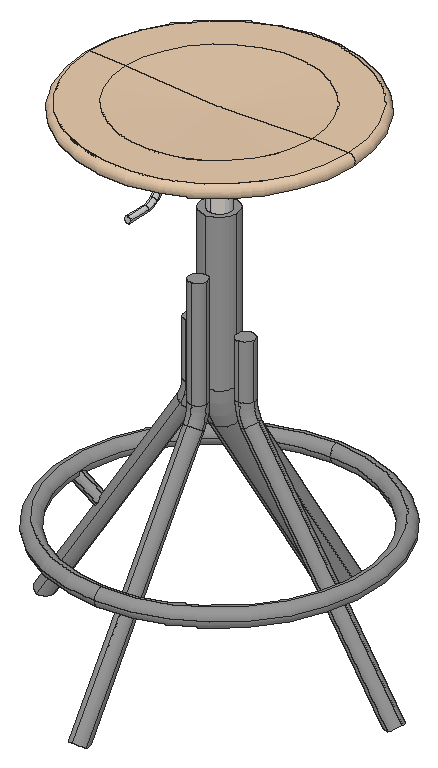
Revit family "FU_Stool_Sandler_Main-1120", category Furniture, Revit 2020
Family settings
  OmniClass Number = 23.40.20.00
  OmniClass Title = General Furniture and Specialties
  Work Plane-Based = No
  Always vertical = Yes
  Cut with Voids When Loaded = No
  Shared = No
  Room Calculation Point = No
Parameters
  Wood Seat = Wood - Beech - Chestnut Stained
  Width = 470 mm  # constant formula
  URL = "https://www.sandlerseating.com/product/main-1120/"
  Model = "Main 1120"
  Min Height = 630 mm  # constant formula
  Max Height = 720 mm  # constant formula
  Manufacturer = "Sandler"
  Height = if(Height Adj < Min Height, Min Height, (if(Height Adj > Max Height, Max Height, Height Adj)))  # 640 mm
  Height Adj = 640 mm
  Description = "Adjustable height stool with swivel seat in Ash wood on a steel frame"
  Depth = 450 mm  # constant formula
  Default Elevation = 0 mm
  AC Colors = Metal - Paint - Water Blue - NCS S4050-B40G
Reference planes
  plane 1 "Center (Front/Back)": y = 0
  plane 2: z = 0
  plane 3 "Center (Left/Right)": x = 0
  plane 4: x = -235
  plane 5: x = 235
  plane 6: y = 225
  plane 7: y = -225
  plane 8: z = 640
  plane 9 "Footrest height C": z = 154.33
  plane 10: z = 617.33
  plane 11: z = 519.694
Forms (mm)
  Revolve 1, solid, material "Wood - Beech - Chestnut Stained" <- "Wood Seat"
    sketch origin (0, 0, 0) x (1, 0, 0) y (0, 0, 1)
      loop
        line (0, 612.192) -> (0, 634.708)
        arc (0, 634.708) -> (-59.796, 635.794) -> (-119.454, 640) r 1145.478
        line (-119.454, 640) -> (-166.754, 640)
        arc (-166.754, 640) -> (-173.777, 632.677) -> (-168.491, 624.016) r 8.315
        line (-168.491, 624.016) -> (-137.689, 612.192) -> (0, 612.192)
      axis (0, 640) -> (0, 612.192)
    angle from 0 to 360
  Sweep 2, solid, material "Metal - Paint - Water Blue - NCS S4050-B40G" <- "AC Colors"
    path origin (0, 0, 154.33) x (0, -1, 0) y (1, 0, 0)
      loop
        circle (0, 0) r 189
    profile "Pro_Circles : 22mm Circle" origin (-189, 0, 154.33) x (-1, 0, 0) y (0, 0, 1)
      loop
        arc (-10.967, 0.067) -> (-7.822, -7.727) -> (-0.067, -10.967) r 10.901
        arc (-0.067, -10.967) -> (7.775, -7.775) -> (10.967, 0.067) r 10.901
        arc (10.967, 0.067) -> (7.727, 7.822) -> (-0.067, 10.967) r 10.901
        arc (-0.067, 10.967) -> (-7.774, 7.774) -> (-10.967, 0.067) r 10.9
  Sweep 3, solid, material "Metal - Paint - Water Blue - NCS S4050-B40G" <- "AC Colors"
    path origin (0, 0, 0) x (1, 0, 0) y (0, 0, 1)
      loop
        line (-225.63, 0) -> (-40.785, 284.636)
        arc (-40.785, 284.636) -> (-35.611, 297.832) -> (-33.851, 311.896) r 57.051
        line (-33.851, 311.896) -> (-33.851, 381.938)
    profile "Pro_Circles : 22mm Circle" origin (-133.207, 0, 142.318) x (-0.838671, 0, 0.544639) y (0, -1, 0)
      loop
        arc (-10.967, 0.067) -> (-7.822, -7.727) -> (-0.067, -10.967) r 10.901
        arc (-0.067, -10.967) -> (7.775, -7.775) -> (10.967, 0.067) r 10.901
        arc (10.967, 0.067) -> (7.727, 7.822) -> (-0.067, 10.967) r 10.901
        arc (-0.067, 10.967) -> (-7.774, 7.774) -> (-10.967, 0.067) r 10.9
  Sweep 4, solid, material "Metal - Paint - Water Blue - NCS S4050-B40G" <- "AC Colors"
    path origin (0, 0, 0) x (1, 0, 0) y (0, 0, 1)
      loop
        line (-150.363, 128.105) -> (-184.143, 150.042)
    profile "Pro_Circles : 16mm Circle" origin (-167.253, 0, 139.074) x (-0.544639, 0, -0.838671) y (0, -1, 0)
      loop
        arc (-7.967, 0.067) -> (-5.701, -5.606) -> (-0.067, -7.967) r 7.901
        arc (-0.067, -7.967) -> (5.654, -5.654) -> (7.967, 0.067) r 7.902
        arc (7.967, 0.067) -> (5.606, 5.7) -> (-0.067, 7.967) r 7.901
        arc (-0.067, 7.967) -> (-5.653, 5.653) -> (-7.967, 0.067) r 7.9
  Sweep 5, solid, material "Metal - Paint - Water Blue - NCS S4050-B40G" <- "AC Colors"
    path origin (0, 0, 0) x (-1, 0, 0) y (0, 0, 1)
      loop
        line (-225.63, 0) -> (-40.785, 284.636)
        arc (-40.785, 284.636) -> (-35.611, 297.832) -> (-33.851, 311.896) r 57.051
        line (-33.851, 311.896) -> (-33.851, 381.938)
    profile "Pro_Circles : 22mm Circle" origin (133.207, 0, 142.318) x (-0.838671, 0, -0.544639) y (0, -1, 0)
      loop
        arc (10.967, 0.067) -> (7.774, 7.774) -> (0.067, 10.967) r 10.9
        arc (0.067, 10.967) -> (-7.727, 7.822) -> (-10.967, 0.067) r 10.901
        arc (-10.967, 0.067) -> (-7.775, -7.775) -> (0.067, -10.967) r 10.901
        arc (0.067, -10.967) -> (7.822, -7.727) -> (10.967, 0.067) r 10.901
  Sweep 6, solid, material "Metal - Paint - Water Blue - NCS S4050-B40G" <- "AC Colors"
    path origin (0, 0, 0) x (-1, 0, 0) y (0, 0, 1)
      loop
        line (-150.363, 128.105) -> (-184.143, 150.042)
    profile "Pro_Circles : 16mm Circle" origin (167.253, 0, 139.074) x (-0.544639, 0, 0.838671) y (0, -1, 0)
      loop
        arc (7.967, 0.067) -> (5.653, 5.653) -> (0.067, 7.967) r 7.9
        arc (0.067, 7.967) -> (-5.606, 5.7) -> (-7.967, 0.067) r 7.901
        arc (-7.967, 0.067) -> (-5.654, -5.654) -> (0.067, -7.967) r 7.902
        arc (0.067, -7.967) -> (5.701, -5.606) -> (7.967, 0.067) r 7.901
  Sweep 7, solid, material "Metal - Paint - Water Blue - NCS S4050-B40G" <- "AC Colors"
    path origin (0, 0, 0) x (0.000284, 1, 0) y (0, 0, 1)
      loop
        line (-225.63, 0) -> (-40.785, 284.636)
        arc (-40.785, 284.636) -> (-35.611, 297.832) -> (-33.851, 311.896) r 57.051
        line (-33.851, 311.896) -> (-33.851, 451.896)
    profile "Pro_Circles : 22mm Circle" origin (-0.038, -133.207, 142.318) x (-0.000238, -0.838671, 0.544639) y (1, -0.000284, 0)
      loop
        arc (-10.967, 0.067) -> (-7.822, -7.727) -> (-0.067, -10.967) r 10.901
        arc (-0.067, -10.967) -> (7.775, -7.775) -> (10.967, 0.067) r 10.901
        arc (10.967, 0.067) -> (7.727, 7.822) -> (-0.067, 10.967) r 10.901
        arc (-0.067, 10.967) -> (-7.774, 7.774) -> (-10.967, 0.067) r 10.9
  Sweep 8, solid, material "Metal - Paint - Water Blue - NCS S4050-B40G" <- "AC Colors"
    path origin (0, 0, 0) x (0.000284, 1, 0) y (0, 0, 1)
      loop
        line (-150.363, 128.105) -> (-184.143, 150.042)
    profile "Pro_Circles : 16mm Circle" origin (-0.048, -167.253, 139.074) x (-0.000155, -0.544639, -0.838671) y (1, -0.000284, 0)
      loop
        arc (-7.967, 0.067) -> (-5.701, -5.606) -> (-0.067, -7.967) r 7.901
        arc (-0.067, -7.967) -> (5.654, -5.654) -> (7.967, 0.067) r 7.902
        arc (7.967, 0.067) -> (5.606, 5.7) -> (-0.067, 7.967) r 7.901
        arc (-0.067, 7.967) -> (-5.653, 5.653) -> (-7.967, 0.067) r 7.9
  Sweep 9, solid, material "Metal - Paint - Water Blue - NCS S4050-B40G" <- "AC Colors"
    path origin (0, 0, 0) x (0, 1, 0) y (0, 0, 1)
      loop
        line (0, 519.694) -> (0, 321.235)
        arc (0, 321.235) -> (3.537, 301.466) -> (11.843, 283.18) r 80.763
        line (11.843, 283.18) -> (195.708, 3.127)
    profile "Pro_Circles : 44.5mm Circle" origin (0, 0, 420.465) x (0, 1, 0) y (1, 0, 0)
      loop
        arc (-22.217, 0.067) -> (-15.776, -15.682) -> (-0.066, -22.217) r 22.151
        arc (-0.066, -22.217) -> (15.73, -15.73) -> (22.217, 0.067) r 22.151
        arc (22.217, 0.067) -> (15.682, 15.776) -> (-0.067, 22.217) r 22.15
        arc (-0.067, 22.217) -> (-15.729, 15.729) -> (-22.217, 0.067) r 22.15
  Extrusion 10, void
    sketch origin (0, 0, 0) x (1, 0, 0) y (0, 0, 1)
      loop
        line (-235, 0) -> (-235, -20) -> (235, -20) -> (235, 0) -> (-235, 0)
    from -225 to 225
  Extrusion 11, solid, material "Metal - Chrome - Polished"
    sketch origin (0, 0, 154.33) x (0, -1, 0) y (1, 0, 0)
      loop
        circle (0, 0.067) r 14
    from 264 to 463
  Sweep 12, solid, material "Metal - Chrome - Polished"
    path origin (0, 0, 0) x (0, 1, 0) y (0, 0, 1)
      loop
        line (-146.626, 569.163) -> (-119.121, 569.163)
        arc (-119.121, 569.163) -> (-111.609, 570.589) -> (-105.143, 574.669) r 20.496
        line (-105.143, 574.669) -> (-74.464, 603.278)
        arc (-74.464, 603.278) -> (-70.244, 605.94) -> (-65.342, 606.871) r 13.375
        line (-65.342, 606.871) -> (0, 606.871)
    profile "Pro_Circles : 8mm Circle" origin (0, -132.874, 569.163) x (0, 0, 1) y (1, 0, 0)
      loop
        arc (-3.967, 0.067) -> (-2.873, -2.777) -> (-0.068, -3.967) r 3.901
        arc (-0.068, -3.967) -> (2.826, -2.827) -> (3.967, 0.067) r 3.903
        arc (3.967, 0.067) -> (2.777, 2.872) -> (-0.067, 3.967) r 3.902
        arc (-0.067, 3.967) -> (-2.824, 2.824) -> (-3.967, 0.067) r 3.9
Cuts and joins
  Extrusion 10 cuts Sweep 3
  Extrusion 10 cuts Sweep 4
  Extrusion 10 cuts Sweep 5
  Extrusion 10 cuts Sweep 6
  Extrusion 10 cuts Sweep 7
  Extrusion 10 cuts Sweep 8
  Extrusion 10 cuts Sweep 9
  joined: Sweep 3, Sweep 4, Sweep 5, Sweep 6, Sweep 7, Sweep 8, Sweep 9
  joined: Extrusion 11, Sweep 12
Dimensions and locks
  equal spacing: plane 6, plane 1 "Center (Front/Back)", plane 7
  "Depth": plane 6 to plane 7
  equal spacing: plane 4, plane 3 "Center (Left/Right)", plane 5
  "Width": plane 4 to plane 5
  "Height": plane 8 to level
  locked: plane 8 to plane 10 at 22.67
  locked: plane 11 to level at 519.694
  aligned and locked: level to plane 2
  aligned and locked: plane 10 to cut or joined group of Extrusion 11, Sweep 12
Automatic sketch dimensions
  Revolve 1 sketch curve to plane 8 = 0 mm
  Revolve 1 sketch curve to plane 3 "Center (Left/Right)" = 0 mm  (x2)
  Revolve 1 sketch curve to plane 3 "Center (Left/Right)" = 9.095 mm
  Revolve 1 sketch curve to Revolve 1 sketch curve = 18.235 mm
  Revolve 1 sketch curve to plane 8 = 8.222 mm
  Revolve 1 sketch curve to Revolve 1 sketch curve = 27.822 mm
  Revolve 1 sketch curve to Revolve 1 sketch curve = 1.243 mm
  Revolve 1 sketch curve to plane 8 = 15.984 mm
  Revolve 1 sketch curve to plane 8 = 27.808 mm
  Revolve 1 sketch curve to Revolve 1 sketch curve = 22.515 mm
  Revolve 1 sketch curve to Revolve 1 sketch curve = 17.192 mm
  plane 8 to Revolve 1 sketch curve = 15 mm
  plane 1 "Center (Front/Back)" to Sweep 2 sketch curve = 0 mm
  Sweep 2 sketch curve to plane 3 "Center (Left/Right)" = 0 mm
  Sweep 3 sketch curve to level = 0 mm
  Sweep 3 sketch curve to Sweep 3 sketch curve = 57.051 mm
  Sweep 3 sketch curve to Sweep 3 sketch curve = 70.042 mm
  plane 9 "Footrest height C" to Sweep 4 sketch curve = 4.287 mm
  Sweep 4 sketch curve to plane 4 = 50.857 mm
  plane 9 "Footrest height C" to Sweep 4 sketch curve = 26.224 mm
  Sweep 4 sketch curve to Sweep 4 sketch curve = 33.78 mm
  Sweep 5 sketch curve to level = 0 mm
  Sweep 5 sketch curve to plane 3 "Center (Left/Right)" = 90.901 mm
  Sweep 5 sketch curve to plane 3 "Center (Left/Right)" = 40.785 mm
  Sweep 5 sketch curve to Sweep 5 sketch curve = 6.934 mm
  plane 9 "Footrest height C" to Sweep 5 sketch curve = 130.306 mm
  Sweep 5 sketch curve to plane 5 = 9.37 mm
  Sweep 5 sketch curve to Sweep 5 sketch curve = 70.042 mm
  Sweep 6 sketch curve to plane 9 "Footrest height C" = 4.287 mm
  Sweep 6 sketch curve to plane 5 = 50.857 mm
  Sweep 6 sketch curve to plane 9 "Footrest height C" = 26.224 mm
  Sweep 6 sketch curve to Sweep 6 sketch curve = 33.78 mm
  plane 9 "Footrest height C" to Sweep 8 sketch curve = 4.287 mm
  plane 9 "Footrest height C" to Sweep 8 sketch curve = 26.224 mm
  Sweep 8 sketch curve to Sweep 8 sketch curve = 33.78 mm
  Sweep 7 sketch curve to level = 0 mm
  Sweep 7 sketch curve to plane 9 "Footrest height C" = 157.566 mm
  Sweep 7 sketch curve to plane 9 "Footrest height C" = 130.306 mm
  Sweep 7 sketch curve to Sweep 7 sketch curve = 50.116 mm
  Sweep 7 sketch curve to Sweep 7 sketch curve = 184.845 mm
  Sweep 7 sketch curve to Sweep 7 sketch curve = 140 mm
  plane 4 to Extrusion 10 sketch curve = 0 mm
  plane 5 to Extrusion 10 sketch curve = 0 mm
  Extrusion 10 sketch curve to level = 0 mm
  Extrusion 10 sketch curve to level = 20 mm
  plane 1 "Center (Front/Back)" to Extrusion 11 sketch curve = 0 mm
  plane 3 "Center (Left/Right)" to Extrusion 11 sketch curve = 0.067 mm
  Sweep 12 sketch curve to plane 1 "Center (Front/Back)" = 0 mm
  Sweep 12 sketch curve to plane 8 = 33.129 mm
  plane 1 "Center (Front/Back)" to Sweep 12 sketch curve = 65.342 mm
  Sweep 12 sketch curve to plane 8 = 36.722 mm
  Sweep 12 sketch curve to Sweep 12 sketch curve = 9.121 mm
  Sweep 12 sketch curve to Sweep 12 sketch curve = 30.679 mm
  Sweep 12 sketch curve to Sweep 12 sketch curve = 13.979 mm
  Sweep 12 sketch curve to Sweep 12 sketch curve = 13.619 mm
  Sweep 12 sketch curve to Sweep 12 sketch curve = 14.99 mm
  Sweep 12 sketch curve to Sweep 12 sketch curve = 27.505 mm
  Sweep 3 sketch curve to plane 9 "Footrest height C" = 130.306 mm
  Sweep 3 sketch curve to plane 4 = 9.37 mm
  Revolve 1 sketch curve to plane 3 "Center (Left/Right)" = 119.454 mm
  Sweep 3 sketch curve to plane 3 "Center (Left/Right)" = 90.901 mm
  Sweep 3 sketch curve to Sweep 3 sketch curve = 6.934 mm
  Sweep 9 sketch curve to plane 1 "Center (Front/Back)" = 0 mm
  Sweep 9 sketch curve to plane 11 = 0 mm
  Sweep 9 sketch curve to plane 1 "Center (Front/Back)" = 11.843 mm
  Sweep 9 sketch curve to plane 1 "Center (Front/Back)" = 80.653 mm
  Sweep 9 sketch curve to plane 9 "Footrest height C" = 171.135 mm
  Sweep 9 sketch curve to Sweep 9 sketch curve = 4.229 mm
  level to Sweep 9 sketch curve = 3.127 mm
  Sweep 9 sketch curve to plane 6 = 29.292 mm
  radius of Sweep 2 sketch curve = 189 mm
  radius of Extrusion 11 sketch curve = 14 mm
